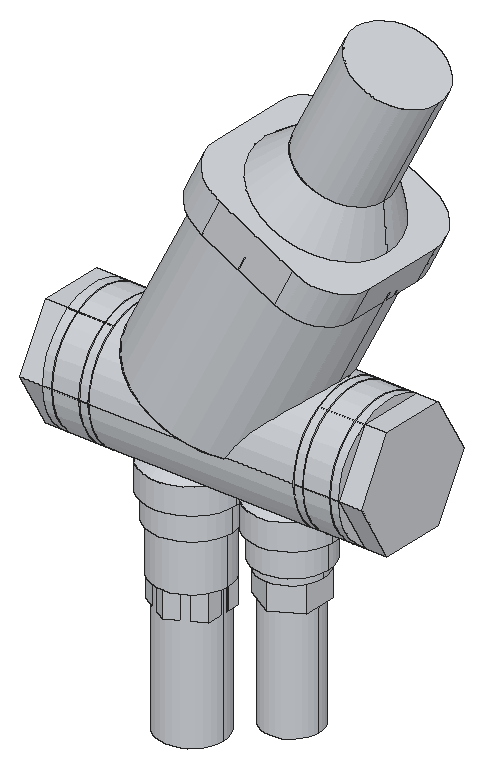
Revit family "Sigma_Compact_DN015 HF_s vyp_RFA_2018", category Pipe Accessories, Revit 2018
Family settings
  Round Connector Dimension = Use Diameter
  Part Type = Valve - Breaks Into
  Work Plane-Based = No
  Always vertical = Yes
  Cut with Voids When Loaded = No
  Shared = No
Parameters (values of type "Sigma Compact DN 15 HF s vypouštěním")
  magiProductId = "e0eed5f915b34df8bba526f8d48f95"
  magiProductFamilyId = "d1104e7aca644fe4921023cda881a0"
  magiPartTypeId = 304
  isMeasuringValve [instance] = no
  ang2D [instance] = 0.00°
  Z6 = 26.1 mm
  Z5 = 60.9 mm
  Z4 = 52.2 mm
  Z3 = 8.7 mm
  Z2 = 43.5 mm
  XR2 = 25 mm
  XR1 = 13 mm
  W2D = 15 mm
  VersionID = "2.0/2018.12.13.2/FRESE_SIGMA_PLUG_Q13_001"
  Use Minimum Symbol Size [instance] = no
  URL = "www.hydronic.cz"
  Type Comments = "závitový; vnitřní závit; PN25; max dp=400kPa; -10~+120°C; max uzavírací tlak 1MPa"
  R4 = 15 mm
  R3 = 10 mm
  R2 = 14 mm
  R1 = 19 mm
  QmdConnectorList = "301;D;302;D"
  Productdata [instance] = ""
  NL__ve = -NL  # -15 mm
  NL = 15 mm
  Manufacturer = "Hydronic System Prague s.r.o."
  MC Use Limits From Balancing Method = no
  MC Throttling Minimum Value = 0
  MC Throttling Maximum Value = 0
  MC Product Code = "53-2221 DN15 FF s měřením a vypouštěním; (60-1080 l/h); kvs=2,6"
  MC Pressure Drop Minimum Value = 0.0 Pa
  MC Pressure Drop Maximum Value = 0.0 Pa
  MC Piping Given Pressure Drop [instance] = 0.0 Pa
  M5 = 32.5 mm
  M4 = 30.5 mm
  M3 = 24.5 mm
  M2 = 22.5 mm
  LP = 37.5 mm
  LM = 45 mm
  LL__ve = -LL  # -5.7 mm
  LLT__ve = -LLT  # -14.9 mm
  LLT = 14.9 mm
  LLL = 11 mm
  LL3 = 41 mm
  LL2 = 32 mm
  LL = 5.7 mm
  L3 = 11 mm
  L2D_Min = 30.48 mm
  L2D = 65 mm
  Description = "Automatický vyvažovací ventil"
  DR1 = yes
  DR0 = no
  DL2 = 66 mm
  D = 15 mm
  CenSd_R2_6 = R2 * cos(30.00°)  # 12.124 mm
  CAT0 = yes
  C0D1 = yes
  C0D0 = no
Types (3, lengths in mm): name | magiProductId | Z6 | Z5 | Z4 | Z3 | Z2 | R2 | NL__ve | NL | MC Product Code | M5 | M4 | M3 | M2 | LP | LM | LL__ve | LLT__ve | LLT | LL3 | LL2 | LL | DL2 | D | CenSd_R2_6
  Sigma Compact DN 15 HF s vypouštěním | "e0eed5f915b34df8bba526f8d48f95" | 26.1 | 60.9 | 52.2 | 8.7 | 43.5 | 14 | -15 | 15 | "53-2221 DN15 FF s měřením a vypouštěním; (60-1080 l/h); kvs=2,6" | 32.5 | 30.5 | 24.5 | 22.5 | 37.5 | 45 | -5.7 | -14.9 | 14.9 | 41 | 32 | 5.7 | 66 | 15 | 12.124
  Sigma Compact DN 20 HF s vypouštěním | "4de04bc937484e42b40234d175e017" | 26.1 | 60.9 | 52.2 | 8.7 | 43.5 | 14 | -15.8 | 15.8 | "53-2223 DN20 FF s měřením a vypouštěním; (102-1930 l/h); kvs=4,0" | 33.7 | 31.7 | 25.7 | 23.7 | 39.5 | 47.4 | -5.7 | -14.9 | 14.9 | 41 | 32 | 5.7 | 66 | 20 | 12.124
  Sigma Compact DN 25 HF s vypouštěním | "353cd751c7f74c09a1eb930e23bd36" | 27 | 63 | 54 | 9 | 45 | 18 | -16.6 | 16.6 | "53-2229 DN25 FF s měřením a vypouštěním; (137-2400 l/h); kvs=4,2" | 34.9 | 32.9 | 26.9 | 24.9 | 41.5 | 49.8 | -5.9 | -16.3 | 16.3 | 43 | 34 | 5.9 | 68 | 25 | 15.588
Reference planes
  plane 1 "Center (Front/Back)": y = 0
  plane 2 "XYPLANE": z = 0
  plane 3 "Center (Left/Right)": x = 0
  plane 4 "408": x = 37.5
  plane 5 "407": x = -37.5
  plane 6 "404": z = -35.3
  plane 7 "403": z = -41
  plane 8 "402": z = -66
  plane 9 "213": x = -11
  plane 10 "168": z = -10.9
  plane 11 "167": z = -12.9
  plane 12 "166": z = -18.6
  plane 13 "165": z = -24.3
  plane 14 "164": z = -26.3
  plane 15 "154": z = 0
  plane 16 "152": y = 0
  plane 17 "151": z = -32
  plane 18 "150": x = 11
  plane 19 "75": through (318.218, 0, 679.605) normal (0.891, 0, -0.454)
  plane 20 "74": x = 32.5
  plane 21 "73": x = 30.5
  plane 22 "72": x = 24.5
  plane 23 "71": x = 22.5
  plane 24 "70": x = -32.5
  plane 25 "69": x = -30.5
  plane 26 "68": x = -24.5
  plane 27 "67": y = 0
  plane 28 "66": through (-666.893, 0, 343.166) normal (0.454, 0, 0.891)
  plane 29 "65": x = -22.5
  plane 30 "64": through (335.147, 0, 670.979) normal (0.891, 0, -0.454)
  plane 31 "63": through (-648.506, 0, 379.252) normal (0.454, 0, 0.891)
  plane 32 "62": through (352.076, 0, 662.353) normal (0.891, 0, -0.454)
  plane 33 "61": y = 19
  plane 34 "60": y = -19
  plane 35 "59": through (-644.557, 0, 387.003) normal (0.454, 0, 0.891)
  plane 36 "58": through (-640.607, 0, 394.755) normal (0.454, 0, 0.891)
  plane 37 "56": x = 0
  plane 38 "55": through (-668.255, 0, 340.493) normal (0.454, 0, 0.891)
  plane 39 "102XY": through (-668.255, 0, 340.493) normal (0.454, 0, 0.891)
  plane 40 "102XZ": y = 0
  plane 41 "102YZ": through (340.493, 0, 668.255) normal (0.891, 0, -0.454)
Forms (mm)
  Extrusion 1, solid
    sketch origin (37.5, -750, 0) x (0, 1, 0) y (0, 0, 1)
      loop
        line (764, 0) -> (757, 12.124) -> (743, 12.124) -> (736, 0) -> (743, -12.124) -> (757, -12.124) -> (764, 0)
    from 0 to -15 <- "NL__ve"
  Extrusion 2, solid
    sketch origin (-37.5, -750, 0) x (0, 1, 0) y (0, 0, 1)
      loop
        line (736, 0) -> (743, -12.124) -> (757, -12.124) -> (764, 0) -> (757, 12.124) -> (743, 12.124) -> (736, 0)
    from 0 to 15 <- "NL"
  Extrusion 3, solid, visible <- "C0D1"
    sketch origin (-750, 0, -66) x (1, 0, 0) y (0, 1, 0)
      loop
        circle (739, 0) r 7
    from 0 to 50
  Extrusion 4, solid, visible <- "DR1"
    sketch origin (-750, 0, -35.3) x (1, 0, 0) y (0, 1, 0)
      loop
        line (739, -8) -> (745.928, -4) -> (745.928, 4) -> (739, 8) -> (732.072, 4) -> (732.072, -4) -> (739, -8)
    from 0 to -5.7 <- "LL__ve"
  Extrusion 5, solid, visible <- "DR1"
    sketch origin (-750, 0, -35.3) x (1, 0, 0) y (0, 1, 0)
      loop
        circle (739, 0) r 8
    from 0 to 11 <- "LLL"
  Extrusion 6, solid, visible <- "DR1"
    sketch origin (-750, 0, -24.3) x (1, 0, 0) y (0, 1, 0)
      loop
        circle (739, 0) r 9
    from 0 to 5.7 <- "LL"
  Extrusion 7, solid, visible <- "DR1"
    sketch origin (-750, 0, -18.6) x (1, 0, 0) y (0, 1, 0)
      loop
        circle (739, 0) r 10
    from 0 to 5.7 <- "LL"
  Blend 8, solid, visible <- "DR1"
    base sketch origin (-750, 0, -10.9) x (1, 0, 0) y (0, 1, 0)
      loop
        circle (739, 0) r 7.5
    top sketch origin (-750, 0, -10.9) x (1, 0, 0) y (0, 1, 0)
      loop
        circle (739, 0) r 10
    from 0 to -2
  Extrusion 9, solid, visible <- "DR1"
    sketch origin (-750, 0, 0) x (1, 0, 0) y (0, 1, 0)
      loop
        circle (739, 0) r 7.5
    from 0 to -14.9 <- "LLT__ve"
  Extrusion 10, solid, visible <- "C0D0"
    sketch origin (-750, 0, -32) x (1, 0, 0) y (0, 1, 0)
      loop
        circle (739, 0) r 6
    from 0 to -25
  Extrusion 11, solid, visible <- "DR0"
    sketch origin (-750, 0, -26.3) x (1, 0, 0) y (0, 1, 0)
      loop
        line (739, -7) -> (745.062, -3.5) -> (745.062, 3.5) -> (739, 7) -> (732.938, 3.5) -> (732.938, -3.5) -> (739, -7)
    from 0 to -5.7 <- "LL__ve"
  Extrusion 12, solid, visible <- "DR0"
    sketch origin (-750, 0, -26.3) x (1, 0, 0) y (0, 1, 0)
      loop
        circle (739, 0) r 7
    from 0 to 2
  Extrusion 13, solid, visible <- "DR0"
    sketch origin (-750, 0, -18.6) x (1, 0, 0) y (0, 1, 0)
      loop
        circle (739, 0) r 9
    from 0 to 5.7 <- "LL"
  Blend 14, solid, visible <- "DR0"
    base sketch origin (-750, 0, -10.9) x (1, 0, 0) y (0, 1, 0)
      loop
        circle (739, 0) r 6.5
    top sketch origin (-750, 0, -10.9) x (1, 0, 0) y (0, 1, 0)
      loop
        circle (739, 0) r 9
    from 0 to -2
  Extrusion 15, solid, visible <- "DR0"
    sketch origin (-750, 0, 0) x (1, 0, 0) y (0, 1, 0)
      loop
        circle (739, 0) r 6.5
    from 0 to -14.9 <- "LLT__ve"
  Extrusion 16, solid, visible <- "DR0"
    sketch origin (-750, 0, 0) x (1, 0, 0) y (0, 1, 0)
      loop
        circle (739, 0) r 6.5
    from 0 to -14.9 <- "LLT__ve"
  Blend 17, solid, visible <- "DR0"
    base sketch origin (-750, 0, -10.9) x (1, 0, 0) y (0, 1, 0)
      loop
        circle (739, 0) r 6.5
    top sketch origin (-750, 0, -10.9) x (1, 0, 0) y (0, 1, 0)
      loop
        circle (739, 0) r 9
    from 0 to -2
  Extrusion 18, solid, visible <- "DR0"
    sketch origin (-750, 0, -18.6) x (1, 0, 0) y (0, 1, 0)
      loop
        circle (739, 0) r 9
    from 0 to 5.7 <- "LL"
  Extrusion 19, solid, visible <- "DR0"
    sketch origin (-750, 0, -24.3) x (1, 0, 0) y (0, 1, 0)
      loop
        circle (739, 0) r 8
    from 0 to 5.7 <- "LL"
  Extrusion 20, solid, visible <- "DR0"
    sketch origin (-750, 0, -26.3) x (1, 0, 0) y (0, 1, 0)
      loop
        circle (739, 0) r 7
    from 0 to 2
  Extrusion 21, solid, visible <- "DR0"
    sketch origin (-750, 0, -26.3) x (1, 0, 0) y (0, 1, 0)
      loop
        line (739, -7) -> (745.062, -3.5) -> (745.062, 3.5) -> (739, 7) -> (732.938, 3.5) -> (732.938, -3.5) -> (739, -7)
    from 0 to -5.7 <- "LL__ve"
  Extrusion 22, solid, visible <- "C0D0"
    sketch origin (-750, 0, -32) x (1, 0, 0) y (0, 1, 0)
      loop
        circle (739, 0) r 6
    from 0 to -25
  Extrusion 23, solid, visible <- "CAT0"
    sketch origin (-750, 0, -32) x (1, 0, 0) y (0, 1, 0)
      loop
        circle (761, 0) r 6
    from 0 to -25
  Extrusion 24, solid
    sketch origin (-750, 0, -26.3) x (1, 0, 0) y (0, 1, 0)
      loop
        line (761, -7) -> (767.062, -3.5) -> (767.062, 3.5) -> (761, 7) -> (754.938, 3.5) -> (754.938, -3.5) -> (761, -7)
    from 0 to -5.7 <- "LL__ve"
  Extrusion 25, solid
    sketch origin (-750, 0, -26.3) x (1, 0, 0) y (0, 1, 0)
      loop
        circle (761, 0) r 7
    from 0 to 2
  Extrusion 26, solid
    sketch origin (-750, 0, -24.3) x (1, 0, 0) y (0, 1, 0)
      loop
        circle (761, 0) r 8
    from 0 to 5.7 <- "LL"
  Extrusion 27, solid
    sketch origin (-750, 0, -18.6) x (1, 0, 0) y (0, 1, 0)
      loop
        circle (761, 0) r 9
    from 0 to 5.7 <- "LL"
  Blend 28, solid
    base sketch origin (-750, 0, -10.9) x (1, 0, 0) y (0, 1, 0)
      loop
        circle (761, 0) r 6.5
    top sketch origin (-750, 0, -10.9) x (1, 0, 0) y (0, 1, 0)
      loop
        circle (761, 0) r 9
    from 0 to -2
  Extrusion 29, solid
    sketch origin (-750, 0, 0) x (1, 0, 0) y (0, 1, 0)
      loop
        circle (761, 0) r 6.5
    from 0 to -14.9 <- "LLT__ve"
  Blend 30, solid, visible <- "CAT0"
    base sketch origin (30.5, -750, 0) x (0, 1, 0) y (0, 0, 1)
      loop
        circle (750, 0) r 14
    top sketch origin (30.5, -750, 0) x (0, 1, 0) y (0, 0, 1)
      loop
        circle (750, 0) r 14
    from 0 to 2
  Extrusion 31, solid, visible <- "CAT0"
    sketch origin (24.5, -750, 0) x (0, 1, 0) y (0, 0, 1)
      loop
        circle (750, 0) r 14
    from 0 to 6
  Blend 32, solid, visible <- "CAT0"
    base sketch origin (22.5, -750, 0) x (0, 1, 0) y (0, 0, 1)
      loop
        circle (750, 0) r 14
    top sketch origin (22.5, -750, 0) x (0, 1, 0) y (0, 0, 1)
      loop
        circle (750, 0) r 14
    from 0 to 2
  Blend 33, solid, visible <- "CAT0"
    base sketch origin (-30.5, -750, 0) x (0, 1, 0) y (0, 0, 1)
      loop
        circle (750, 0) r 14
    top sketch origin (-30.5, -750, 0) x (0, 1, 0) y (0, 0, 1)
      loop
        circle (750, 0) r 14
    from 0 to -2
  Extrusion 34, solid, visible <- "CAT0"
    sketch origin (-30.5, -750, 0) x (0, 1, 0) y (0, 0, 1)
      loop
        circle (750, 0) r 14
    from 0 to 6
  Blend 35, solid, visible <- "CAT0"
    base sketch origin (-24.5, -750, 0) x (0, 1, 0) y (0, 0, 1)
      loop
        circle (750, 0) r 14
    top sketch origin (-24.5, -750, 0) x (0, 1, 0) y (0, 0, 1)
      loop
        circle (750, 0) r 14
    from 0 to 2
  Extrusion 36, solid, visible <- "CAT0"
    sketch origin (-22.5, -750, 0) x (0, 1, 0) y (0, 0, 1)
      loop
        circle (750, 0) r 14
    from 0 to 45 <- "LM"
  Extrusion 37, solid, visible <- "CAT0"
    sketch origin (-666.893, 0, 343.166) x (0.891007, 0, -0.45399) y (0, 1, 0)
      loop
        circle (744, 0) r 19
    from 0 to 43.5 <- "Z2"
  Extrusion 38, solid, visible <- "CAT0"
    sketch origin (-648.506, 0, 379.252) x (0.891007, 0, -0.45399) y (0, 1, 0)
      loop
        arc (735, 19) -> (727.929, 16.071) -> (725, 9) r 10
        line (725, 9) -> (725, -9)
        arc (725, -9) -> (727.929, -16.071) -> (735, -19) r 10
        line (735, -19) -> (753, -19)
        arc (753, -19) -> (760.071, -16.071) -> (763, -9) r 10
        line (763, -9) -> (763, 9)
        arc (763, 9) -> (760.071, 16.071) -> (753, 19) r 10
        line (753, 19) -> (735, 19)
    from 0 to 8.7 <- "Z3"
  Blend 39, solid, visible <- "CAT0"
    base sketch origin (-644.557, 0, 387.003) x (0.891007, 0, -0.45399) y (0, 1, 0)
      loop
        circle (744, 0) r 15
    top sketch origin (-644.557, 0, 387.003) x (0.891007, 0, -0.45399) y (0, 1, 0)
      loop
        circle (744, 0) r 10
    from 0 to 8.7
  Extrusion 40, solid, visible <- "CAT0"
    sketch origin (-640.607, 0, 394.755) x (0.891007, 0, -0.45399) y (0, 1, 0)
      loop
        circle (744, 0) r 10
    from 0 to 26.1 <- "Z6"
  Blend 41, solid, visible <- "CAT0"
    base sketch origin (-668.255, 0, 340.493) x (0.891007, 0, -0.45399) y (0, 1, 0)
      loop
        circle (744, 0) r 15
    top sketch origin (-668.255, 0, 340.493) x (0.891007, 0, -0.45399) y (0, 1, 0)
      loop
        circle (744, 0) r 19
    from 0 to 3
  Extrusion 42, solid, not visible
    sketch origin (-32.5, -750, 0) x (0, 1, 0) y (0, 0, 1)
      loop
        circle (750, 0) r 10
    from 0 to 10
  Extrusion 43, solid, not visible
    sketch origin (32.5, -750, 0) x (0, 1, 0) y (0, 0, 1)
      loop
        circle (750, 0) r 10
    from 0 to -10
Lines and regions (mm)
  reference lines, not visible
    curve 1: circle (2, 2, 0) r 1 normal (0, 0, 1)
  reference lines
    curve 2: line (37.5, 0, 0) -> (37.5, -3.5, 6.062)
    curve 3: line (37.5, 0, 0) -> (37.5, -7, 0)
    curve 4: line (37.5, 0, 0) -> (37.5, -3.5, -6.062)
    curve 5: line (-37.5, 0, 0) -> (-37.5, 3.5, 6.062)
    curve 6: line (-37.5, 0, 0) -> (-37.5, 7, 0)
    curve 7: line (-37.5, 0, 0) -> (-37.5, 3.5, -6.062)
Dimensions and locks
  plane 1 "Center (Front/Back)" to curve 1 = 2 mm
  "LP": plane 37 "56" to plane 4 "408"
  "LP": plane 37 "56" to plane 5 "407"
  "LL": plane 7 "403" to plane 6 "404"
  "LL3": plane 2 "XYPLANE" to plane 7 "403"
  "DL2": plane 2 "XYPLANE" to plane 8 "402"
  "L3": plane 3 "Center (Left/Right)" to plane 9 "213"
  locked: plane 11 "167" to plane 10 "168" at 2
  "LL": plane 12 "166" to plane 11 "167"
  "LL": plane 13 "165" to plane 12 "166"
  locked: plane 14 "164" to plane 13 "165" at 2
  "LL": plane 17 "151" to plane 14 "164"
  locked: plane 2 "XYPLANE" to plane 15 "154"
  locked: plane 1 "Center (Front/Back)" to plane 16 "152"
  "LL2": plane 2 "XYPLANE" to plane 17 "151"
  "L3": plane 3 "Center (Left/Right)" to plane 18 "150"
  "XR2": plane 41 "102YZ" to plane 19 "75"
  "M5": plane 3 "Center (Left/Right)" to plane 20 "74"
  "M4": plane 3 "Center (Left/Right)" to plane 21 "73"
  "M3": plane 3 "Center (Left/Right)" to plane 22 "72"
  "M2": plane 3 "Center (Left/Right)" to plane 23 "71"
  "M5": plane 3 "Center (Left/Right)" to plane 24 "70"
  "M4": plane 3 "Center (Left/Right)" to plane 25 "69"
  "M3": plane 3 "Center (Left/Right)" to plane 26 "68"
  locked: plane 16 "152" to plane 27 "67"
  locked: plane 39 "102XY" to plane 28 "66" at 3
  "M2": plane 3 "Center (Left/Right)" to plane 29 "65"
  locked: plane 41 "102YZ" to plane 30 "64" at 6
  "Z2": plane 39 "102XY" to plane 31 "63"
  "XR1": plane 41 "102YZ" to plane 32 "62"
  "R1": plane 16 "152" to plane 33 "61"
  "R1": plane 16 "152" to plane 34 "60"
  "Z4": plane 39 "102XY" to plane 35 "59"
  "Z5": plane 39 "102XY" to plane 36 "58"
  locked: plane 3 "Center (Left/Right)" to plane 37 "56"
  locked: plane 39 "102XY" to plane 38 "55"
  "CenSd_R2_6": curve 2 to Extrusion 1 sketch curve  (x2)
  "CenSd_R2_6": curve 3 to Extrusion 1 sketch curve  (x2)
  "CenSd_R2_6": curve 4 to Extrusion 1 sketch curve  (x2)
  Extrusion 1 sketch curve to Extrusion 1 sketch curve = 0 mm  (x12)
  "CenSd_R2_6": curve 5 to Extrusion 2 sketch curve  (x2)
  "CenSd_R2_6": curve 6 to Extrusion 2 sketch curve  (x2)
  "CenSd_R2_6": curve 7 to Extrusion 2 sketch curve  (x2)
  Extrusion 2 sketch curve to Extrusion 2 sketch curve = 0 mm  (x12)
  Extrusion 4 sketch curve to Extrusion 4 sketch curve = 0 mm  (x12)
  Extrusion 11 sketch curve to Extrusion 11 sketch curve = 0 mm  (x12)
  Extrusion 21 sketch curve to Extrusion 21 sketch curve = 0 mm  (x12)
  Extrusion 24 sketch curve to Extrusion 24 sketch curve = 0 mm  (x12)
  Extrusion 38 sketch curve to Extrusion 38 sketch curve = 0 mm  (x16)
  "R2": radius of Blend 30 sketch curve  (x2)
  "R2": radius of Extrusion 31 sketch curve
  "R2": radius of Blend 32 sketch curve  (x2)
  "R2": radius of Blend 33 sketch curve  (x2)
  "R2": radius of Extrusion 34 sketch curve
  "R2": radius of Blend 35 sketch curve  (x2)
  "R2": radius of Extrusion 36 sketch curve
  "R1": radius of Extrusion 37 sketch curve
  radius of Extrusion 38 sketch curve = 10 mm  (x4)
  "R3": radius of Blend 39 sketch curve
  "R4": radius of Blend 39 sketch curve
  "R3": radius of Extrusion 40 sketch curve
  "R1": radius of Blend 41 sketch curve
  locked: curve 3 to curve 2 (angle 60.00°)
  locked: curve 4 to curve 3 (angle 60.00°)
  locked: curve 4 to curve 2 (angle 120.00°)
  locked: curve 6 to curve 5 (angle 60.00°)
  locked: curve 7 to curve 6 (angle 60.00°)
  locked: curve 7 to curve 5 (angle 120.00°)
  aligned and locked: level to plane 2 "XYPLANE"
  aligned and locked: plane 15 "154" to curve 4
  aligned and locked: curve 4 to plane 16 "152"
  aligned and locked: plane 15 "154" to curve 7
  aligned and locked: curve 7 to plane 16 "152"
  aligned and locked: plane 9 "213" to Extrusion 3 sketch curve
  aligned and locked: plane 16 "152" to Extrusion 3 sketch curve
  aligned and locked: plane 9 "213" to Extrusion 5 sketch curve
  aligned and locked: plane 16 "152" to Extrusion 5 sketch curve
  aligned and locked: plane 9 "213" to Extrusion 6 sketch curve
  aligned and locked: plane 16 "152" to Extrusion 6 sketch curve
  aligned and locked: plane 9 "213" to Extrusion 7 sketch curve
  aligned and locked: plane 16 "152" to Extrusion 7 sketch curve
  aligned and locked: plane 9 "213" to Blend 8 sketch curve  (x2)
  aligned and locked: plane 16 "152" to Blend 8 sketch curve  (x2)
  aligned and locked: Blend 8 to plane 11 "167"
  aligned and locked: plane 9 "213" to Extrusion 9 sketch curve
  aligned and locked: plane 16 "152" to Extrusion 9 sketch curve
  aligned and locked: plane 9 "213" to Extrusion 10 sketch curve
  aligned and locked: plane 16 "152" to Extrusion 10 sketch curve
  aligned and locked: plane 9 "213" to Extrusion 12 sketch curve
  aligned and locked: plane 16 "152" to Extrusion 12 sketch curve
  aligned and locked: plane 9 "213" to Extrusion 13 sketch curve
  aligned and locked: plane 16 "152" to Extrusion 13 sketch curve
  aligned and locked: plane 9 "213" to Blend 14 sketch curve  (x2)
  aligned and locked: plane 16 "152" to Blend 14 sketch curve  (x2)
  aligned and locked: Blend 14 to plane 11 "167"
  aligned and locked: plane 9 "213" to Extrusion 15 sketch curve
  aligned and locked: plane 16 "152" to Extrusion 15 sketch curve
  aligned and locked: plane 9 "213" to Extrusion 16 sketch curve
  aligned and locked: plane 16 "152" to Extrusion 16 sketch curve
  aligned and locked: plane 9 "213" to Blend 17 sketch curve  (x2)
  aligned and locked: plane 16 "152" to Blend 17 sketch curve  (x2)
  aligned and locked: Blend 17 to plane 11 "167"
  aligned and locked: plane 9 "213" to Extrusion 18 sketch curve
  aligned and locked: plane 16 "152" to Extrusion 18 sketch curve
  aligned and locked: plane 9 "213" to Extrusion 19 sketch curve
  aligned and locked: plane 16 "152" to Extrusion 19 sketch curve
  aligned and locked: plane 9 "213" to Extrusion 20 sketch curve
  aligned and locked: plane 16 "152" to Extrusion 20 sketch curve
  aligned and locked: plane 9 "213" to Extrusion 22 sketch curve
  aligned and locked: plane 16 "152" to Extrusion 22 sketch curve
  aligned and locked: plane 16 "152" to Extrusion 23 sketch curve
  aligned and locked: plane 18 "150" to Extrusion 23 sketch curve
  aligned and locked: plane 16 "152" to Extrusion 25 sketch curve
  aligned and locked: plane 18 "150" to Extrusion 25 sketch curve
  aligned and locked: plane 16 "152" to Extrusion 26 sketch curve
  aligned and locked: plane 18 "150" to Extrusion 26 sketch curve
  aligned and locked: plane 16 "152" to Extrusion 27 sketch curve
  aligned and locked: plane 18 "150" to Extrusion 27 sketch curve
  aligned and locked: plane 16 "152" to Blend 28 sketch curve  (x2)
  aligned and locked: plane 18 "150" to Blend 28 sketch curve  (x2)
  aligned and locked: Blend 28 to plane 11 "167"
  aligned and locked: plane 16 "152" to Extrusion 29 sketch curve
  aligned and locked: plane 18 "150" to Extrusion 29 sketch curve
  aligned and locked: plane 15 "154" to Blend 30 sketch curve  (x2)
  aligned and locked: Blend 30 sketch curve to plane 16 "152"  (x2)
  aligned and locked: plane 20 "74" to Blend 30
  aligned and locked: plane 15 "154" to Extrusion 31 sketch curve
  aligned and locked: Extrusion 31 sketch curve to plane 16 "152"
  aligned and locked: plane 15 "154" to Blend 32 sketch curve  (x2)
  aligned and locked: Blend 32 sketch curve to plane 16 "152"  (x2)
  aligned and locked: plane 22 "72" to Blend 32
  aligned and locked: plane 15 "154" to Blend 33 sketch curve  (x2)
  aligned and locked: Blend 33 sketch curve to plane 16 "152"  (x2)
  aligned and locked: Blend 33 to plane 24 "70"
  aligned and locked: plane 15 "154" to Extrusion 34 sketch curve
  aligned and locked: Extrusion 34 sketch curve to plane 16 "152"
  aligned and locked: plane 15 "154" to Blend 35 sketch curve  (x2)
  aligned and locked: Blend 35 sketch curve to plane 16 "152"  (x2)
  aligned and locked: plane 29 "65" to Blend 35
  aligned and locked: plane 15 "154" to Extrusion 36 sketch curve
  aligned and locked: Extrusion 36 sketch curve to plane 16 "152"
  aligned and locked: plane 27 "67" to Extrusion 37 sketch curve
  aligned and locked: Extrusion 37 sketch curve to plane 30 "64"
  aligned and locked: Extrusion 38 sketch curve to plane 19 "75"
  aligned and locked: Extrusion 38 sketch curve to plane 34 "60"
  aligned and locked: Extrusion 38 sketch curve to plane 32 "62"
  aligned and locked: plane 33 "61" to Extrusion 38 sketch curve
  aligned and locked: plane 27 "67" to Blend 39 sketch curve  (x2)
  aligned and locked: Blend 39 sketch curve to plane 30 "64"  (x2)
  aligned and locked: plane 36 "58" to Blend 39
  aligned and locked: plane 27 "67" to Extrusion 40 sketch curve
  aligned and locked: Extrusion 40 sketch curve to plane 30 "64"
  aligned and locked: plane 27 "67" to Blend 41 sketch curve  (x2)
  aligned and locked: Blend 41 sketch curve to plane 30 "64"  (x2)
  aligned and locked: plane 28 "66" to Blend 41
  aligned and locked: plane 15 "154" to Extrusion 42 sketch curve
  aligned and locked: Extrusion 42 sketch curve to plane 16 "152"
  aligned and locked: plane 15 "154" to Extrusion 43 sketch curve
  aligned and locked: Extrusion 43 sketch curve to plane 16 "152"
Automatic sketch dimensions
  plane 29 "65" to Extrusion 3 sketch curve = 4.5 mm
  Extrusion 4 sketch curve to plane 9 "213" = 0 mm  (x2)
  plane 29 "65" to Extrusion 4 sketch curve = 4.572 mm
  Extrusion 4 sketch curve to plane 3 "Center (Left/Right)" = 4.072 mm
  plane 1 "Center (Front/Back)" to Extrusion 4 sketch curve = 8 mm
  plane 1 "Center (Front/Back)" to Extrusion 4 sketch curve = 4 mm  (x2)
  Extrusion 4 sketch curve to plane 1 "Center (Front/Back)" = 4 mm  (x2)
  Extrusion 4 sketch curve to Extrusion 4 sketch curve = 4 mm
  plane 29 "65" to Extrusion 5 sketch curve = 3.5 mm
  plane 29 "65" to Extrusion 6 sketch curve = 2.5 mm
  plane 29 "65" to Extrusion 7 sketch curve = 1.5 mm
  plane 29 "65" to Blend 8 sketch curve = 4 mm
  plane 29 "65" to Blend 8 sketch curve = 1.5 mm
  plane 29 "65" to Extrusion 9 sketch curve = 4 mm
  plane 29 "65" to Extrusion 10 sketch curve = 5.5 mm
  Extrusion 11 sketch curve to plane 9 "213" = 0 mm  (x2)
  plane 29 "65" to Extrusion 11 sketch curve = 5.438 mm
  Extrusion 11 sketch curve to plane 3 "Center (Left/Right)" = 4.938 mm
  plane 1 "Center (Front/Back)" to Extrusion 11 sketch curve = 7 mm
  plane 1 "Center (Front/Back)" to Extrusion 11 sketch curve = 3.5 mm  (x2)
  Extrusion 11 sketch curve to plane 1 "Center (Front/Back)" = 3.5 mm  (x2)
  Extrusion 11 sketch curve to Extrusion 11 sketch curve = 3.5 mm
  plane 29 "65" to Extrusion 12 sketch curve = 4.5 mm
  plane 29 "65" to Extrusion 13 sketch curve = 2.5 mm
  plane 29 "65" to Blend 14 sketch curve = 5 mm
  plane 29 "65" to Blend 14 sketch curve = 2.5 mm
  plane 29 "65" to Extrusion 15 sketch curve = 5 mm
  plane 29 "65" to Extrusion 16 sketch curve = 5 mm
  plane 29 "65" to Blend 17 sketch curve = 5 mm
  plane 29 "65" to Blend 17 sketch curve = 2.5 mm
  plane 29 "65" to Extrusion 18 sketch curve = 2.5 mm
  plane 29 "65" to Extrusion 19 sketch curve = 3.5 mm
  plane 29 "65" to Extrusion 20 sketch curve = 4.5 mm
  Extrusion 21 sketch curve to plane 9 "213" = 0 mm  (x2)
  plane 29 "65" to Extrusion 21 sketch curve = 5.438 mm
  Extrusion 21 sketch curve to plane 3 "Center (Left/Right)" = 4.938 mm
  plane 1 "Center (Front/Back)" to Extrusion 21 sketch curve = 7 mm
  plane 1 "Center (Front/Back)" to Extrusion 21 sketch curve = 3.5 mm  (x2)
  Extrusion 21 sketch curve to plane 1 "Center (Front/Back)" = 3.5 mm  (x2)
  Extrusion 21 sketch curve to Extrusion 21 sketch curve = 3.5 mm
  plane 29 "65" to Extrusion 22 sketch curve = 5.5 mm
  plane 3 "Center (Left/Right)" to Extrusion 23 sketch curve = 5 mm
  Extrusion 24 sketch curve to plane 18 "150" = 0 mm  (x2)
  plane 3 "Center (Left/Right)" to Extrusion 24 sketch curve = 4.938 mm
  Extrusion 24 sketch curve to plane 23 "71" = 5.438 mm
  plane 1 "Center (Front/Back)" to Extrusion 24 sketch curve = 7 mm
  plane 1 "Center (Front/Back)" to Extrusion 24 sketch curve = 3.5 mm  (x2)
  Extrusion 24 sketch curve to plane 1 "Center (Front/Back)" = 3.5 mm  (x2)
  Extrusion 24 sketch curve to Extrusion 24 sketch curve = 3.5 mm
  plane 3 "Center (Left/Right)" to Extrusion 25 sketch curve = 4 mm
  plane 3 "Center (Left/Right)" to Extrusion 26 sketch curve = 3 mm
  plane 3 "Center (Left/Right)" to Extrusion 27 sketch curve = 2 mm
  plane 3 "Center (Left/Right)" to Blend 28 sketch curve = 4.5 mm
  plane 3 "Center (Left/Right)" to Blend 28 sketch curve = 2 mm
  plane 3 "Center (Left/Right)" to Extrusion 29 sketch curve = 4.5 mm
  plane 19 "75" to Blend 41 sketch curve = 4 mm
  plane 34 "60" to Extrusion 42 sketch curve = 9 mm
  plane 34 "60" to Extrusion 43 sketch curve = 9 mm
  plane 3 "Center (Left/Right)" to curve 1 = 2 mm
  radius of curve 1 = 1 mm
Connectors
  piping at (-32.5, 0, 0), diameter 15, driven by "D"
    settings: on Extrusion 42, index 1, connector inside diameter 609.6 mm, connector length 0 mm, flow factor 0, pipe flow 0.0 L/s, pressure drop 0.0 Pa, fitting loss kfactor 0, connector angle 0.00°, fixture units 0, engagement length 0 mm, angle of deflection 0.00°, flow configuration 0, flow direction 0, fitting loss method 0, system type 29, joint type 0, gender type 0, connector reference index 2, connector utility 0, adjustable connector no, is connector primary yes, connector description ""
  piping at (32.5, 0, 0), diameter 15, driven by "D"
    settings: on Extrusion 43, index 2, connector inside diameter 609.6 mm, connector length 0 mm, flow factor 0, pipe flow 0.0 L/s, pressure drop 0.0 Pa, fitting loss kfactor 0, connector angle 0.00°, fixture units 0, engagement length 0 mm, angle of deflection 0.00°, flow configuration 0, flow direction 0, fitting loss method 0, system type 29, joint type 0, gender type 0, connector reference index 1, connector utility 0, adjustable connector no, is connector primary no, connector description ""
